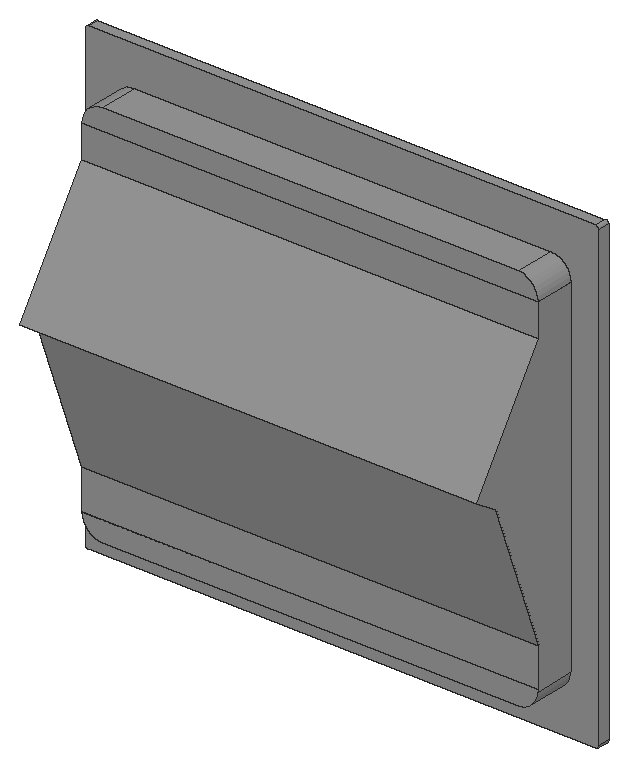
Revit family "L&L_LUCE&LIGHT_PASITO_1.1", category Lighting Fixtures, host Wall, Revit 2018 (continued)
Types (2, lengths in mm): name | built-in parameter 1150142 | Photometric Web File
  PASITO_1.1 – Asymmetrical 150°x90° | "IESNA:LM-63-2002\r\n[TEST] PASITO 11 30K80 ASY - 20181003-1523.LDT\r\n[TESTLAB] L&L\r\n[TESTDATE] 3 Oct 2018\r\n[ISSUEDATE] 3 Oct 2018\r\n[MANUFAC] L&L\r\n[LUMCAT] PASITO 1.1 AT 150°x90° [2700K 8.5W 24Vdc] cor-ten\r\n[LUMINAIRE] PASITO 1.1 AT 150°x90° [2700K 8.5W 24Vdc] cor-ten\r\n[FLASHAREA] 0.000015\r\n[LAMPCAT] Power LED\r\n[LAMP] Power LED\r\nTILT=NONE\r\n1 272.00 1.0 181 73 1 2 0.002 0.030 0.000\r\n1.00 1.00 8.50\r\n0.00 1.00 2.00 3.00 4.00 5.00 6.00 7.00 8.00 9.00 10.00 \r\n11.00 12.00 13.00 14.00 15.00 16.00 17.00 18.00 19.00 \r\n20.00 21.00 22.00 23.00 24.00 25.00 26.00 27.00 28.00 \r\n29.00 30.00 31.00 32.00 33.00 34.00 35.00 36.00 37.00 \r\n38.00 39.00 40.00 41.00 42.00 43.00 44.00 45.00 46.00 \r\n47.00 48.00 49.00 50.00 51.00 52.00 53.00 54.00 55.00 \r\n56.00 57.00 58.00 59.00 60.00 61.00 62.00 63.00 64.00 \r\n65.00 66.00 67.00 68.00 69.00 70.00 71.00 72.00 73.00 \r\n74.00 75.00 76.00 77.00 78.00 79.00 80.00 81.00 82.00 \r\n83.00 84.00 85.00 86.00 87.00 88.00 89.00 90.00 91.00 \r\n92.00 93.00 94.00 95.00 96.00 97.00 98.00 99.00 100.00 \r\n101.00 102.00 103.00 104.00 105.00 106.00 107.00 108.00 \r\n109.00 110.00 111.00 112.00 113.00 114.00 115.00 116.00 \r\n117.00 118.00 119.00 120.00 121.00 122.00 123.00 124.00 \r\n125.00 126.00 127.00 128.00 129.00 130.00 131.00 132.00 \r\n133.00 134.00 135.00 136.00 137.00 138.00 139.00 140.00 \r\n141.00 142.00 143.00 144.00 145.00 146.00 147.00 148.00 \r\n149.00 150.00 151.00 152.00 153.00 154.00 155.00 156.00 \r\n157.00 158.00 159.00 160.00 161.00 162.00 163.00 164.00 \r\n165.00 166.00 167.00 168.00 169.00 170.00 171.00 172.00 \r\n173.00 174.00 175.00 176.00 177.00 178.00 179.00 180.00 \r\n0.00 5.00 10.00 15.00 20.00 25.00 30.00 35.00 40.00 45.00 \r\n50.00 55.00 60.00 65.00 70.00 75.00 80.00 85.00 90.00 \r\n95.00 100.00 105.00 110.00 115.00 120.00 125.00 130.00 \r\n135.00 140.00 145.00 150.00 155.00 160.00 165.00 170.00 \r\n175.00 180.00 185.00 190.00 195.00 200.00 205.00 210.00 \r\n215.00 220.00 225.00 230.00 235.00 240.00 245.00 250.00 \r\n255.00 260.00 265.00 270.00 275.00 280.00 285.00 290.00 \r\n295.00 300.00 305.00 310.00 315.00 320.00 325.00 330.00 \r\n335.00 340.00 345.00 350.00 355.00 360.00 \r\n0.00 0.00 0.00 0.00 0.00 0.00 0.00 0.00 0.00 0.00 0.00 \r\n0.00 0.00 0.00 0.00 0.00 0.00 0.00 0.00 0.00 0.00 0.00 \r\n0.00 0.00 0.00 0.00 0.00 0.00 0.00 0.00 0.00 0.00 0.00 \r\n0.00 0.00 0.00 0.00 0.00 0.00 0.00 0.00 0.00 0.00 0.00 \r\n0.00 0.00 0.00 0.00 0.00 0.00 0.00 0.00 0.00 0.00 0.00 \r\n0.00 0.00 0.00 0.00 0.00 0.00 0.00 0.00 0.00 0.00 0.00 \r\n0.00 0.00 0.00 0.00 0.00 0.00 0.00 0.00 0.01 0.01 0.01 \r\n0.01 0.01 0.01 0.01 0.01 0.01 0.01 0.01 0.01 0.02 0.02 \r\n0.02 0.02 0.02 0.02 0.03 0.03 0.03 0.03 0.03 0.03 0.03 \r\n0.03 0.03 0.03 0.03 0.03 0.03 0.03 0.03 0.03 0.03 0.03 \r\n0.03 0.03 0.02 0.02 0.02 0.02 0.02 0.02 0.01 0.01 0.01 \r\n0.01 0.01 0.01 0.01 0.01 0.01 0.01 0.01 0.01 0.01 0.01 \r\n0.01 0.01 0.01 0.01 0.01 0.01 0.01 0.01 0.01 0.01 0.01 \r\n0.01 0.01 0.01 0.01 0.01 0.00 0.00 0.00 0.00 0.00 0.00 \r\n0.00 0.00 0.00 0.00 0.00 0.00 0.00 0.00 0.00 0.00 0.00 \r\n0.00 0.00 0.00 0.00 0.00 0.00 0.00 0.00 0.00 0.00 0.00 \r\n0.00 0.01 0.01 0.01 0.01 \r\n0.00 0.00 0.00 0.00 0.00 0.00 0.00 0.00 0.00 0.00 0.00 \r\n0.00 0.00 0.00 0.00 0.00 0.00 0.00 0.00 0.00 0.00 0.00 \r\n0.00 0.00 0.00 0.00 0.00 0.00 0.00 0.00 0.00 0.00 0.00 \r\n0.00 0.00 0.00 0.00 0.00 0.00 0.00 0.00 0.00 0.00 0.00 \r\n0.00 0.00 0.00 0.00 0.00 0.00 0.00 0.00 0.00 0.00 0.00 \r\n0.00 0.00 0.00 0.00 0.00 0.00 0.00 0.00 0.00 0.00 0.00 \r\n0.00 0.00 0.00 0.00 0.00 0.00 0.00 0.00 0.00 0.00 0.00 \r\n0.00 0.00 0.00 0.00 0.00 0.00 0.00 0.00 0.00 0.00 0.00 \r\n0.00 0.00 0.00 0.00 0.00 0.00 0.00 0.00 0.00 0.00 0.00 \r\n0.00 0.00 0.00 0.00 0.00 0.00 0.00 0.00 0.00 0.00 0.00 \r\n0.00 0.00 0.00 0.00 0.00 0.00 0.00 0.00 0.00 0.00 0.00 \r\n0.00 0.00 0.00 0.00 0.00 0.00 0.00 0.00 0.00 0.00 0.00 \r\n0.00 0.00 0.00 0.00 0.00 0.00 0.00 0.00 0.00 0.00 0.00 \r\n0.00 0.00 0.00 0.00 0.00 0.00 0.00 0.00 0.00 0.00 0.00 \r\n0.00 0.00 0.00 0.00 0.00 0.00 0.00 0.00 0.00 0.00 0.00 \r\n0.00 0.00 0.00 0.00 0.00 0.00 0.00 0.00 0.00 0.00 0.00 \r\n0.00 0.00 0.00 0.01 0.01 \r\n0.00 0.00 0.00 0.00 0.00 0.00 0.00 0.00 0.00 0.00 0.00 \r\n0.00 0.00 0.00 0.00 0.00 0.00 0.00 0.00 0.00 0.00 0.00 \r\n0.00 0.00 0.00 0.00 0.00 0.00 0.00 0.00 0.00 0.00 0.00 \r\n0.00 0.00 0.00 0.00 0.00 0.00 0.00 0.00 0.00 0.00 0.00 \r\n0.00 0.00 0.00 0.00 0.00 0.00 0.00 0.00 0.00 0.00 0.00 \r\n0.00 0.00 0.00 0.00 0.00 0.00 0.00 0.00 0.00 0.00 0.00 \r\n0.00 0.00 0.00 0.00 0.00 0.00 0.00 0.00 0.00 0.00 0.00 \r\n0.00 0.00 0.00 0.00 0.00 0.00 0.00 0.00 0.00 0.00 0.00 \r\n0.00 0.00 0.00 0.00 0.00 0.00 0.00 0.00 0.00 0.00 0.00 \r\n0.00 0.00 0.00 0.00 0.00 0.00 0.00 0.00 0.00 0.00 0.00 \r\n0.00 0.00 0.00 0.00 0.00 0.00 0.00 0.00 0.00 0.00 0.00 \r\n0.00 0.00 0.00 0.00 0.00 0.00 0.00 0.00 0.00 0.00 0.00 \r\n0.00 0.00 0.00 0.00 0.00 0.00 0.00 0.00 0.00 0.00 0.00 \r\n0.00 0.00 0.00 0.00 0.00 0.00 0.00 0.00 0.00 0.00 0.00 \r\n0.00 0.00 0.00 0.00 0.00 0.00 0.00 0.00 0.00 0.00 0.00 \r\n0.00 0.00 0.00 0.00 0.00 0.00 0.00 0.00 0.00 0.00 0.00 \r\n0.00 0.00 0.00 0.00 0.01 \r\n0.00 0.00 0.00 0.00 0.00 0.00 0.00 0.00 0.00 0.00 0.00 \r\n0.00 0.00 0.00 0.00 0.00 0.00 0.00 0.00 0.00 0.00 0.00 \r\n0.00 0.00 0.00 0.00 0.00 0.00 0.00 0.00 0.00 0.00 0.00 \r\n0.00 0.00 0.00 0.00 0.00 0.00 0.00 0.00 0.00 0.00 0.00 \r\n0.00 0.00 0.00 0.00 0.00 0.00 0.00 0.00 0.00 0.00 0.00 \r\n0.00 0.00 0.00 0.00 0.00 0.00 0.00 0.00 0.00 0.00 0.00 \r\n0.00 0.00 0.00 0.00 0.00 0.00 0.00 0.00 0.00 0.00 0.00 \r\n0.00 0.00 0.00 0.00 0.00 0.00 0.00 0.00 0.00 0.00 0.00 \r\n0.00 0.00 0.00 0.00 0.00 0.00 0.00 0.00 0.00 0.00 0.00 \r\n0.00 0.00 0.00 0.00 0.00 0.00 0.00 0.00 0.00 0.00 0.00 \r\n0.00 0.00 0.00 0.00 0.00 0.00 0.00 0.00 0.00 0.00 0.00 \r\n0.00 0.00 0.00 0.00 0.00 0.00 0.00 0.00 0.00 0.00 0.00 \r\n0.00 0.00 0.00 0.00 0.00 0.00 0.00 0.00 0.00 0.00 0.00 \r\n0.00 0.00 0.00 0.00 0.00 0.00 0.00 0.00 0.00 0.00 0.00 \r\n0.00 0.00 0.00 0.00 0.00 0.00 0.00 0.00 0.00 0.00 0.00 \r\n0.00 0.00 0.00 0.00 0.00 0.00 0.00 0.00 0.00 0.00 0.00 \r\n0.00 0.00 0.00 0.00 0.01 \r\n0.00 0.00 0.00 0.00 0.00 0.00 0.00 0.00 0.00 0.00 0.00 \r\n0.00 0.00 0.00 0.00 0.00 0.00 0.00 0.00 0.00 0.00 0.00 \r\n0.00 0.00 0.00 0.00 0.00 0.00 0.00 0.00 0.00 0.00 0.00 \r\n0.00 0.00 0.00 0.00 0.00 0.00 0.00 0.00 0.00 0.00 0.00 \r\n0.00 0.00 0.00 0.00 0.00 0.00 0.00 0.00 0.00 0.00 0.00 \r\n0.00 0.00 0.00 0.00 0.00 0.00 0.00 0.00 0.00 0.00 0.00 \r\n0.00 0.00 0.00 0.00 0.00 0.00 0.00 0.00 0.00 0.00 0.00 \r\n0.00 0.00 0.00 0.00 0.00 0.00 0.00 0.00 0.00 0.00 0.00 \r\n0.00 0.00 0.00 0.00 0.00 0.00 0.00 0.00 0.00 0.00 0.00 \r\n0.00 0.00 0.00 0.00 0.00 0.00 0.00 0.00 0.00 0.00 0.00 \r\n0.00 0.00 0.00 0.00 0.00 0.00 0.00 0.00 0.00 0.00 0.00 \r\n0.00 0.00 0.00 0.00 0.00 0.00 0.00 0.00 0.00 0.00 0.00 \r\n0.00 0.00 0.00 0.00 0.00 0.00 0.00 0.00 0.00 0.00 0.00 \r\n0.00 0.00 0.00 0.00 0.00 0.00 0.00 0.00 0.00 0.00 0.00 \r\n0.00 0.00 0.00 0.00 0.00 0.00 0.00 0.00 0.00 0.00 0.00 \r\n0.00 0.00 0.00 0.00 0.00 0.00 0.00 0.00 0.00 0.00 0.00 \r\n0.00 0.00 0.00 0.00 0.01 \r\n0.00 0.00 0.00 0.00 0.00 0.00 0.00 0.00 0.00 0.00 0.00 \r\n0.00 0.00 0.00 0.00 0.00 0.00 0.00 0.00 0.00 0.00 0.00 \r\n0.00 0.00 0.00 0.00 0.00 0.00 0.00 0.00 0.00 0.00 0.00 \r\n0.00 0.00 0.00 0.00 0.00 0.00 0.00 0.00 0.00 0.00 0.00 \r\n0.00 0.00 0.00 0.00 0.00 0.00 0.00 0.00 0.00 0.00 0.00 \r\n0.00 0.00 0.00 0.00 0.00 0.00 0.00 0.00 0.00 0.00 0.00 \r\n0.00 0.00 0.00 0.00 0.00 0.00 0.00 0.00 0.00 0.00 0.00 \r\n0.00 0.00 0.00 0.00 0.00 0.00 0.00 0.00 0.00 0.00 0.00 \r\n0.00 0.00 0.00 0.00 0.00 0.00 0.00 0.00 0.00 0.00 0.00 \r\n0.00 0.00 0.00 0.00 0.00 0.00 0.00 0.00 0.00 0.00 0.00 \r\n0.00 0.00 0.00 0.00 0.00 0.00 0.00 0.00 0.00 0.00 0.00 \r\n0.00 0.00 0.00 0.00 0.00 0.00 0.00 0.00 0.00 0.00 0.00 \r\n0.00 0.00 0.00 0.00 0.00 0.00 0.00 0.00 0.00 0.00 0.00 \r\n0.00 0.00 0.00 0.00 0.00 0.00 0.00 0.00 0.00 0.00 0.00 \r\n0.00 0.00 0.00 0.00 0.00 0.00 0.00 0.00 0.00 0.00 0.00 \r\n0.00 0.00 0.00 0.00 0.00 0.00 0.00 0.00 0.00 0.00 0.00 \r\n0.00 0.00 0.00 0.00 0.01 \r\n0.00 0.00 0.00 0.00 0.00 0.00 0.00 0.00 0.00 0.00 0.00 \r\n0.00 0.00 0.00 0.00 0.00 0.00 0.00 0.00 0.00 0.00 0.00 \r\n0.00 0.00 0.00 0.00 0.00 0.00 0.00 0.00 0.00 0.00 0.00 \r\n0.00 0.00 0.00 0.00 0.00 0.00 0.00 0.00 0.00 0.00 0.00 \r\n0.00 0.00 0.00 0.00 0.00 0.00 0.00 0.00 0.00 0.00 0.00 \r\n0.00 0.00 0.00 0.00 0.00 0.00 0.00 0.00 0.00 0.00 0.00 \r\n0.00 0.00 0.00 0.00 0.00 0.00 0.00 0.00 0.00 0.00 0.00 \r\n0.00 0.00 0.00 0.00 0.00 0.00 0.00 0.00 0.00 0.00 0.00 \r\n0.00 0.00 0.00 0.00 0.00 0.00 0.00 0.00 0.00 0.00 0.00 \r\n0.00 0.00 0.00 0.00 0.00 0.00 0.00 0.00 0.00 0.00 0.00 \r\n0.00 0.00 0.00 0.00 0.00 0.00 0.00 0.00 0.00 0.00 0.00 \r\n0.00 0.00 0.00 0.00 0.00 0.00 0.00 0.00 0.00 0.00 0.00 \r\n0.00 0.00 0.00 0.00 0.00 0.00 0.00 0.00 0.00 0.00 0.00 \r\n0.00 0.00 0.00 0.00 0.00 0.00 0.00 0.00 0.00 0.00 0.00 \r\n0.00 0.00 0.00 0.00 0.00 0.00 0.00 0.00 0.00 0.00 0.00 \r\n0.00 0.00 0.00 0.00 0.00 0.00 0.00 0.00 0.00 0.00 0.00 \r\n0.00 0.00 0.00 0.00 0.01 \r\n0.00 0.00 0.00 0.00 0.00 0.00 0.00 0.00 0.00 0.00 0.00 \r\n0.00 0.00 0.00 0.00 0.00 0.00 0.00 0.00 0.00 0.00 0.00 \r\n0.00 0.00 0.00 0.00 0.00 0.00 0.00 0.00 0.00 0.00 0.00 \r\n0.00 0.00 0.00 0.00 0.00 0.00 0.00 0.00 0.00 0.00 0.00 \r\n0.00 0.00 0.00 0.00 0.00 0.00 0.00 0.00 0.00 0.00 0.00 \r\n0.00 0.00 0.00 0.00 0.00 0.00 0.00 0.00 0.00 0.00 0.00 \r\n0.00 0.00 0.00 0.00 0.00 0.00 0.00 0.00 0.00 0.00 0.00 \r\n0.00 0.00 0.00 0.00 0.00 0.00 0.00 0.00 0.00 0.00 0.00 \r\n0.00 0.00 0.00 0.00 0.00 0.00 0.00 0.00 0.00 0.00 0.00 \r\n0.00 0.00 0.00 0.00 0.00 0.00 0.00 0.00 0.00 0.00 0.00 \r\n0.00 0.00 0.00 0.00 0.00 0.00 0.00 0.00 0.00 0.00 0.00 \r\n0.00 0.00 0.00 0.00 0.00 0.00 0.00 0.00 0.00 0.00 0.00 \r\n0.00 0.00 0.00 0.00 0.00 0.00 0.00 0.00 0.00 0.00 0.00 \r\n0.00 0.00 0.00 0.00 0.00 0.00 0.00 0.00 0.00 0.00 0.00 \r\n0.00 0.00 0.00 0.00 0.00 0.00 0.00 0.00 0.00 0.00 0.00 \r\n0.00 0.00 0.00 0.00 0.00 0.00 0.00 0.00 0.00 0.00 0.00 \r\n0.00 0.00 0.00 0.00 0.01 \r\n0.00 0.00 0.00 0.00 0.00 0.00 0.00 0.00 0.00 0.00 0.00 \r\n0.00 0.00 0.00 0.00 0.00 0.00 0.00 0.00 0.00 0.00 0.00 \r\n0.00 0.00 0.00 0.00 0.00 0.00 0.00 0.00 0.00 0.00 0.00 \r\n0.00 0.00 0.00 0.00 0.00 0.00 0.00 0.00 0.00 0.00 0.00 \r\n0.00 0.00 0.00 0.00 0.00 0.00 0.00 0.00 0.00 0.00 0.00 \r\n0.00 0.00 0.00 0.00 0.00 0.00 0.00 0.00 0.00 0.00 0.00 \r\n0.00 0.00 0.00 0.00 0.00 0.00 0.00 0.00 0.00 0.00 0.00 \r\n0.00 0.00 0.00 0.00 0.00 0.00 0.00 0.00 0.00 0.00 0.00 \r\n0.00 0.00 0.00 0.00 0.00 0.00 0.00 0.00 0.00 0.00 0.00 \r\n0.00 0.00 0.00 0.00 0.00 0.00 0.00 0.00 0.00 0.00 0.00 \r\n0.00 0.00 0.00 0.00 0.00 0.00 0.00 0.00 0.00 0.00 0.00 \r\n0.00 0.00 0.00 0.00 0.00 0.00 0.00 0.00 0.00 0.00 0.00 \r\n0.00 0.00 0.00 0.00 0.00 0.00 0.00 0.00 0.00 0.00 0.00 \r\n0.00 0.00 0.00 0.00 0.00 0.00 0.00 0.00 0.00 0.00 0.00 \r\n0.00 0.00 0.00 0.00 0.00 0.00 0.00 0.00 0.00 0.00 0.00 \r\n0.00 0.00 0.00 0.00 0.00 0.00 0.00 0.00 0.00 0.00 0.00 \r\n0.00 0.00 0.00 0.00 0.01 \r\n0.00 0.00 0.00 0.00 0.00 0.00 0.00 0.00 0.00 0.00 0.00 \r\n0.00 0.00 0.00 0.00 0.00 0.00 0.00 0.00 0.00 0.00 0.00 \r\n0.00 0.00 0.00 0.00 0.00 0.00 0.00 0.00 0.00 0.00 0.00 \r\n0.00 0.00 0.00 0.00 0.00 0.00 0.00 0.00 0.00 0.00 0.00 \r\n0.00 0.00 0.00 0.00 0.00 0.00 0.00 0.00 0.00 0.00 0.00 \r\n0.00 0.00 0.00 0.00 0.00 0.00 0.00 0.00 0.00 0.00 0.00 \r\n0.00 0.00 0.00 0.00 0.00 0.00 0.00 0.00 0.00 0.00 0.00 \r\n0.00 0.00 0.00 0.00 0.00 0.00 0.00 0.00 0.00 0.00 0.00 \r\n0.00 0.00 0.00 0.00 0.00 0.00 0.00 0.00 0.00 0.00 0.00 \r\n0.00 0.00 0.00 0.00 0.00 0.00 0.00 0.00 0.00 0.00 0.00 \r\n0.00 0.00 0.00 0.00 0.00 0.00 0.00 0.00 0.00 0.00 0.00 \r\n0.00 0.00 0.00 0.00 0.00 0.00 0.00 0.00 0.00 0.00 0.00 \r\n0.00 0.00 0.00 0.00 0.00 0.00 0.00 0.00 0.00 0.00 0.00 \r\n0.00 0.00 0.00 0.00 0.00 0.00 0.00 0.00 0.00 0.00 0.00 \r\n0.00 0.00 0.00 0.00 0.00 0.00 0.00 0.00 0.00 0.00 0.00 \r\n0.00 0.00 0.00 0.00 0.00 0.00 0.00 0.00 0.00 0.00 0.00 \r\n0.00 0.00 0.00 0.00 0.01 \r\n0.00 0.00 0.00 0.00 0.00 0.00 0.00 0.00 0.00 0.00 0.00 \r\n0.00 0.00 0.00 0.00 0.00 0.00 0.00 0.00 0.00 0.00 0.00 \r\n0.00 0.00 0.00 0.00 0.00 0.00 0.00 0.00 0.00 0.00 0.00 \r\n0.00 0.00 0.00 0.00 0.00 0.00 0.00 0.00 0.00 0.00 0.00 \r\n0.00 0.00 0.00 0.00 0.00 0.00 0.00 0.00 0.00 0.00 0.00 \r\n0.00 0.00 0.00 0.00 0.00 0.00 0.00 0.00 0.00 0.00 0.00 \r\n0.00 0.00 0.00 0.00 0.00 0.00 0.00 0.00 0.00 0.00 0.00 \r\n0.00 0.00 0.00 0.00 0.00 0.00 0.00 0.00 0.00 0.00 0.00 \r\n0.00 0.00 0.00 0.00 0.00 0.00 0.00 0.00 0.00 0.00 0.00 \r\n0.00 0.00 0.00 0.00 0.00 0.00 0.00 0.00 0.00 0.00 0.00 \r\n0.00 0.00 0.00 0.00 0.00 0.00 0.00 0.00 0.00 0.00 0.00 \r\n0.00 0.00 0.00 0.00 0.00 0.00 0.00 0.00 0.00 0.00 0.00 \r\n0.00 0.00 0.00 0.00 0.00 0.00 0.00 0.00 0.00 0.00 0.00 \r\n0.00 0.00 0.00 0.00 0.00 0.00 0.00 0.00 0.00 0.00 0.00 \r\n0.00 0.00 0.00 0.00 0.00 0.00 0.00 0.00 0.00 0.00 0.00 \r\n0.00 0.00 0.00 0.00 0.00 0.00 0.00 0.00 0.00 0.00 0.00 \r\n0.00 0.00 0.00 0.00 0.01 \r\n0.00 0.00 0.00 0.00 0.00 0.00 0.00 0.00 0.00 0.00 0.00 \r\n0.00 0.00 0.00 0.00 0.00 0.00 0.00 0.00 0.00 0.00 0.00 \r\n0.00 0.00 0.00 0.00 0.00 0.00 0.00 0.00 0.00 0.00 0.00 \r\n0.00 0.00 0.00 0.00 0.00 0.00 0.00 0.00 0.00 0.00 0.00 \r\n0.00 0.00 0.00 0.00 0.00 0.00 0.00 0.00 0.00 0.00 0.00 \r\n0.00 0.00 0.00 0.00 0.00 0.00 0.00 0.00 0.00 0.00 0.00 \r\n0.00 0.00 0.00 0.00 0.00 0.00 0.00 0.00 0.00 0.00 0.00 \r\n0.00 0.00 0.00 0.00 0.00 0.00 0.00 0.00 0.00 0.00 0.00 \r\n0.00 0.00 0.00 0.00 0.00 0.00 0.00 0.00 0.00 0.00 0.00 \r\n0.00 0.00 0.00 0.00 0.00 0.00 0.00 0.00 0.00 0.00 0.00 \r\n0.00 0.00 0.00 0.00 0.00 0.00 0.00 0.00 0.00 0.00 0.00 \r\n0.00 0.00 0.00 0.00 0.00 0.00 0.00 0.00 0.00 0.00 0.00 \r\n0.00 0.00 0.00 0.00 0.00 0.00 0.00 0.00 0.00 0.00 0.00 \r\n0.00 0.00 0.00 0.00 0.00 0.00 0.00 0.00 0.00 0.00 0.00 \r\n0.00 0.00 0.00 0.00 0.00 0.00 0.00 0.00 0.00 0.00 0.00 \r\n0.00 0.00 0.00 0.00 0.00 0.00 0.00 0.00 0.00 0.00 0.00 \r\n0.00 0.00 0.00 0.00 0.01 \r\n0.00 0.00 0.00 0.00 0.00 0.00 0.00 0.00 0.00 0.00 0.00 \r\n0.00 0.00 0.00 0.00 0.00 0.00 0.00 0.00 0.00 0.00 0.00 \r\n0.00 0.00 0.00 0.00 0.00 0.00 0.00 0.00 0.00 0.00 0.00 \r\n0.00 0.00 0.00 0.00 0.00 0.00 0.00 0.00 0.00 0.00 0.00 \r\n0.00 0.00 0.00 0.00 0.00 0.00 0.00 0.00 0.00 0.00 0.00 \r\n0.00 0.00 0.00 0.00 0.00 0.00 0.00 0.00 0.00 0.00 0.00 \r\n0.00 0.00 0.00 0.00 0.00 0.00 0.00 0.00 0.00 0.00 0.00 \r\n0.00 0.00 0.00 0.00 0.00 0.00 0.00 0.00 0.00 0.00 0.00 \r\n0.00 0.00 0.00 0.00 0.00 0.00 0.00 0.00 0.00 0.00 0.00 \r\n0.00 0.00 0.00 0.00 0.00 0.00 0.00 0.00 0.00 0.00 0.00 \r\n0.00 0.00 0.00 0.00 0.00 0.00 0.00 0.00 0.00 0.00 0.00 \r\n0.00 0.00 0.00 0.00 0.00 0.00 0.00 0.00 0.00 0.00 0.00 \r\n0.00 0.00 0.00 0.00 0.00 0.00 0.00 0.00 0.00 0.00 0.00 \r\n0.00 0.00 0.00 0.00 0.00 0.00 0.00 0.00 0.00 0.00 0.00 \r\n0.00 0.00 0.00 0.00 0.00 0.00 0.00 0.00 0.00 0.00 0.00 \r\n0.00 0.00 0.00 0.00 0.00 0.00 0.00 0.00 0.00 0.00 0.00 \r\n0.00 0.00 0.00 0.00 0.01 \r\n0.00 0.00 0.00 0.00 0.00 0.00 0.00 0.00 0.00 0.00 0.00 \r\n0.00 0.00 0.00 0.00 0.00 0.00 0.00 0.00 0.00 0.00 0.00 \r\n0.00 0.00 0.00 0.00 0.00 0.00 0.00 0.00 0.00 0.00 0.00 \r\n0.00 0.00 0.00 0.00 0.00 0.00 0.00 0.00 0.00 0.00 0.00 \r\n0.00 0.00 0.00 0.00 0.00 0.00 0.00 0.00 0.00 0.00 0.00 \r\n0.00 0.00 0.00 0.00 0.00 0.00 0.00 0.00 0.00 0.00 0.00 \r\n0.00 0.00 0.00 0.00 0.00 0.00 0.00 0.00 0.00 0.00 0.00 \r\n0.00 0.00 0.00 0.00 0.00 0.00 0.00 0.00 0.00 0.00 0.00 \r\n0.00 0.00 0.00 0.00 0.00 0.00 0.00 0.00 0.00 0.00 0.00 \r\n0.00 0.00 0.00 0.00 0.00 0.00 0.00 0.00 0.00 0.00 0.00 \r\n0.00 0.00 0.00 0.00 0.00 0.00 0.00 0.00 0.00 0.00 0.00 \r\n0.00 0.00 0.00 0.00 0.00 0.00 0.00 0.00 0.00 0.00 0.00 \r\n0.00 0.00 0.00 0.00 0.00 0.00 0.00 0.00 0.00 0.00 0.00 \r\n0.00 0.00 0.00 0.00 0.00 0.00 0.00 0.00 0.00 0.00 0.00 \r\n0.00 0.00 0.00 0.00 0.00 0.00 0.00 0.00 0.00 0.00 0.00 \r\n0.00 0.00 0.00 0.00 0.00 0.00 0.00 0.00 0.00 0.00 0.00 \r\n0.00 0.00 0.00 0.00 0.01 \r\n0.00 0.00 0.00 0.00 0.00 0.00 0.00 0.00 0.00 0.00 0.00 \r\n0.00 0.00 0.00 0.00 0.00 0.00 0.00 0.00 0.00 0.00 0.00 \r\n0.00 0.00 0.00 0.00 0.00 0.00 0.00 0.00 0.00 0.00 0.00 \r\n0.00 0.00 0.00 0.00 0.00 0.00 0.00 0.00 0.00 0.00 0.00 \r\n0.00 0.00 0.00 0.00 0.00 0.00 0.00 0.00 0.00 0.00 0.00 \r\n0.00 0.00 0.00 0.00 0.00 0.00 0.00 0.00 0.00 0.00 0.00 \r\n0.00 0.00 0.00 0.00 0.00 0.00 0.00 0.00 0.00 0.00 0.00 \r\n0.00 0.00 0.00 0.00 0.00 0.00 0.00 0.00 0.00 0.00 0.00 \r\n0.00 0.00 0.00 0.00 0.00 0.00 0.00 0.00 0.00 0.00 0.00 \r\n0.00 0.00 0.00 0.00 0.00 0.00 0.00 0.00 0.00 0.00 0.00 \r\n0.00 0.00 0.00 0.00 0.00 0.00 0.00 0.00 0.00 0.00 0.00 \r\n0.00 0.00 0.00 0.00 0.00 0.00 0.00 0.00 0.00
